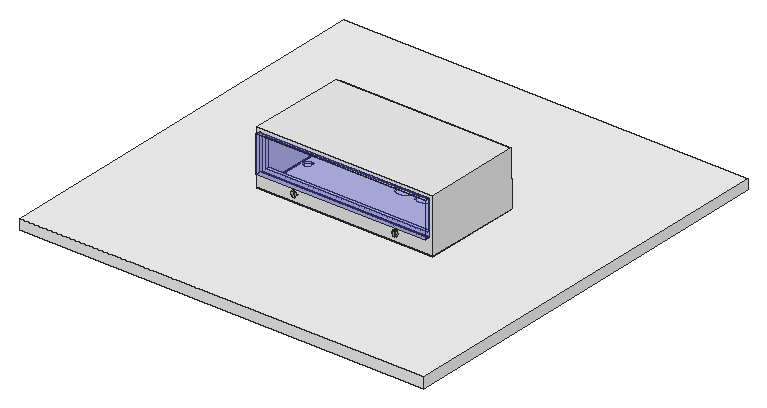
Revit family "BE_23015.1_de_DE", category Leuchten, Revit 2020
Family settings
  Basisbauteil = Fläche
  Bemaßung runder Anschluss = Durchmesser verwenden
  Teiletyp = Normal
  Beim Laden mit Abzugskörper schneiden = Ja
  Lichtquelle = Ja
  Gemeinsam genutzt = Nein
  Raumberechnungspunkt = Ja
Parameters (values of type "BEGA_23015.1_K3")
  built-in parameter 1150104 = 8.5378 (stored number, unit not read)
  Wattage = 13.6 W
  Default Elevation = 0 mm
  built-in parameter 1150113 = 1 (stored number, unit not read)
  built-in parameter 1114218 = 1 (stored number, unit not read)
  Umgebungstemperatur = "25 °C"
  URL = "http://www.bega.de/de/produkt/23015.1"
  Typenkommentare = "© 2022 BEGA. Wir behalten uns das Recht vor, technische Änderungen ohne vorherige Ankündigung vorzunehmen."  # constant formula
  built-in parameter 1150134 = 12
  built-in parameter 1150109 = 1 (stored number, unit not read)
  Strom = ""
  built-in parameter 1150110 = 1 (stored number, unit not read)
  Spannung = 239.996 V
  Sonderanfertigung = no
  Seriennummer [instance] = "Hier können Sie die eindeutige Seriennummer für das Facility Management eintragen."
  Schutzklasse = "I"
  Schutzart = "IP 20"
  Scheinlast = 0 VA
  Produktdatenblatt = "http://www.bega.de/download/Xrfa/db/23015.1.db.de.pdf"
  Oberflächentemperatur = ""
  Neigungswinkel = 0.00°
  Model = "23015.1K4"
  Material_17 = BEGA_Reflektor
  Material_15 = BEGA_Leuchtmedium_matt
  Material_11 = BEGA_Glas_opal
  Material_09 = BEGA_Glas_klar
  Material_08 = BEGA_Oberfläche_Stahl_verzinkt
  Material_06 = BEGA_Oberfläche_Edelstahl_gebürstet
  Material_05 = BEGA_Oberfläche_Aluminium Guss
  Material_03 = BEGA_Oberfläche_Weiss_matt
  Material_02 = BEGA_Oberfläche_Silber_matt
  Material_01 [instance] = BEGA_Oberfläche_Grafit_matt
  M_W = no
  M_G = no
  M_A = no
  Logo = 0
  built-in parameter 1114217 = 1 (stored number, unit not read)
  built-in parameter 1150139 = (empty or 0)
  built-in parameter 1150105 = 99.459 (stored number, unit not read)
  built-in parameter 1150114 = 1 (stored number, unit not read)
  Lumens = 1249.84 lm
  built-in parameter 1150115 = 1 (stored number, unit not read)
  Leuchtenlichtstrom = "527 lm"
  Leuchtenanzahl = ""
  Lebensdauerkriterien = "L70B50 @ 25 °C = 412000 h"
  Lastklassifizierung = Beleuchtung
  built-in parameter 1150112 = 1 (stored number, unit not read)
  Lampenlichtstrom = "1330 lm"
  Lampe = "LED 7.6 W"
  LED_Modulbezeichnung = "2x LED-0947/940"
  Hersteller = "BEGA"  # constant formula
  Halbstreuwinkel = ""
  Gewicht = "1.3 kg"
  Gebrauchslageneinschränkung [instance] = ""
  Frequenz = "0/50-60 Hz"
  Farbwiedergabeindex = "CRI > 90"
  Farbtemperaturverschiebung bei Dämpfen der Lampe = <Keine Auswahl>
  Farbtemperatur = "4000 K"
  Color Filter = 16777215
  built-in parameter 1150133 = 10 (stored number, unit not read)
  Energieeffizienzklasse = "LED A++ - A"
  built-in parameter 1150137 = (empty or 0)
  built-in parameter 1150132 = (empty or 0)
  ENEC = "ja"
  Dimmbar [instance] = ""
  Photometric Web File = "BE_23015.1K4.IES"
  CE_Konformität = "ja"
  Bestellnummer = "23015.1K4"
  Beschreibung_Sonderanfertigung = "Hier können Sie Informationen zur Sonderanfertigung eintragen."
  Beschreibung = "Wandleuchte"
  built-in parameter 1150106 = 0.99459 (stored number, unit not read)
  Befestigungsbohrung = "Ø 4,5 mm"
  Befestigungsabstand = "150 mm"
  Ballwurfsicher = ""
  BEGA_Intern_aus = yes
  BEGA_Intern_an = yes
  BEGA_Intern_Konstruktion = yes
  BEGA_Intern = yes
  BEGA_IES = yes
  BEGA_Dummy = no
  Anschlussleitung = ""
  Anschlussleistung [instance] = "8.8 W"
  Anschlusskasten = ""
  built-in parameter 1150107 = 4000 (stored number, unit not read)
  built-in parameter 1150102 = (empty or 0)
  built-in parameter 1150138 = (empty or 0)
  Aktualisierung = "2019-07-05T04:00:16"
  Abstand_zur_angestrahlten_Fläche [instance] = ""
  AC/DC = "AC/DC"
Reference planes
  plane 1 "Mitte (Vorne/Hinten)": y = 0
  plane 2: z = 0
  plane 3 "Mitte (Links/Rechts)": x = 0
  plane 4 "Links": x = -87.491
  plane 5 "Rechts": x = 87.491
  plane 6 "Unten": y = -53.25
  plane 7 "Oben": y = 53.25
  plane 8 "Vorne": z = 54
  plane 9 "Hinten": z = 0
Forms (mm)
  Extrusion 1, solid, material "BEGA_Platte_Weiss"
    sketch origin (0, -1119.2, 0) x (1, 0, 0) y (0, 1, 0)
      loop
        line (-200, 1319.2) -> (-200, 919.2) -> (200, 919.2) -> (200, 1319.2) -> (-200, 1319.2)
    from 0 to -10
  Extrusion 2, solid, material "BEGA_Dummy_matt", visible <- "BEGA_Dummy"
    sketch origin (80.095, -76.023, 0) x (1, 0, 0) y (0, 1, 0)
      loop
        line (-167.587, 129.273) -> (-167.587, 22.773) -> (7.396, 22.773) -> (7.396, 129.273) -> (-167.587, 129.273)
    from 0 to 54
Dimensions and locks
  plane 1 "Mitte (Vorne/Hinten)" to Extrusion 1 = 200 mm
  aligned and locked: plane 2 to Extrusion 1
  aligned and locked: level to Extrusion 1
Nested families
  nested 1: "BE_23015.1" at (0, 0, 0), type "BE_23015.1"
Connectors
  electrical at (0, 0, 0), driven by "Lastklassifizierung", driven by "Spannung", driven by "Scheinlast"
    settings: index 1, voltage 239.996 V, apparent load 0 VA, apparent load phase1 0 VA, apparent load phase2 0 VA, apparent load phase3 0 VA, power factor 1, load classification "Beleuchtung", number of poles 1, system type 31, power factor state 1, is connector primary yes, connector utility no, sub classification motor no, connector description ""
Definition of nested family "BE_23015.1"
  Parameters (values of type "BE_23015.1")
    Default Elevation = 1 mm
    URL = "http://www.bega.de/de/produkt"
    Type Comments = "© 2015 BEGA. Wir behalten uns das Recht vor, technische Änderungen ohne vorherige Ankündigung vorzunehmen. "  # constant formula
    Type Image = (empty or 0)
    Neigungswinkel_um_Z2 = 0.00°
    Neigungswinkel_um_Z1 = 0.00°
    Neigungswinkel_um_Y2 = 0.00°
    Neigungswinkel_um_Y1 = 0.00°
    Neigungswinkel_um_X2 = 0.00°
    Neigungswinkel_um_X1 = 0.00°
    Material_17 = none
    Material_15 = none
    Material_11 = none
    Material_09 = none
    Material_08 = none
    Material_06 = none
    Material_05 = none
    Material_03 = none
    Material_02 = none
    Material_01 = none
    M_W = yes
    M_G = yes
    M_A = yes
    Länge_Platte = 300 mm  # constant formula
    Höhe_Platte = -10 mm  # constant formula
    Manufacturer = "BEGA"  # constant formula
    Drehwinkel_um_Z2 = 0.00°
    Drehwinkel_um_Z1 = 0.00°
    Breite_Platte = 200 mm  # constant formula
  Reference planes
    plane 1 "Mitte (Oben/Unten)": y = 0
    plane 2: z = 0
    plane 3 "Mitte (Links/Rechts)": x = 0
    plane 4: z = 54
    plane 5: y = 53.25
    plane 6: y = -53.25
    plane 7: x = -87.491
    plane 8: x = 87.491
  Forms (mm)
    Extrusion 1, solid, detail levels medium
      sketch origin (0, 0, 0) x (1, 0, 0) y (0, 1, 0)
        loop
          line (-150, 100) -> (-150, -100) -> (150, -100) -> (150, 100) -> (-150, 100)
      from 0 to -10 <- "Höhe_Platte"
    Extrusion 2, solid, material <- "Material_03", detail levels medium+fine
      sketch origin (0, 0, 0) x (0, 1, 0) y (0, 0, 1)
        loop
          line (48.25, 1) -> (48.25, 54) -> (-48.25, 54) -> (-48.25, 1) -> (-45.835, 1) -> (-45.835, 52) -> (45.835, 52) -> (45.835, 1) -> (48.25, 1)
      from -88.265 to 88.776
    Extrusion 3, solid, material <- "Material_03", detail levels medium+fine
      sketch origin (0, 0, 0) x (1, 0, 0) y (0, 0, 1)
        loop
          line (-88.265, 54) -> (-88.265, 1) -> (-84.981, 1) -> (-84.981, 54) -> (-88.265, 54)
        loop
          line (88.776, 54) -> (85.662, 54) -> (85.662, 1) -> (88.776, 1) -> (88.776, 54)
      from -48.25 to 48.25
    Extrusion 4, void
      sketch origin (0, 0, 0) x (1, 0, 0) y (0, 0, 1)
        loop
          line (-87.499, 0.549) -> (-86.557, 54.543) -> (-89.287, 54.543) -> (-89.287, 0.549) -> (-87.499, 0.549)
        loop
          line (87.516, 0.549) -> (90.348, 0.549) -> (90.348, 54.543) -> (86.574, 54.543) -> (87.516, 0.549)
      from -49.824 to 51.45
    Sweep 5, solid, material <- "Material_03", detail levels medium+fine
      path origin (0, 0, 0) x (1, 0, 0) y (0, 1, 0)
        loop
          line (87.509, 48.25) -> (-87.5, 48.25) -> (-87.5, -48.25) -> (87.509, -48.25) -> (87.509, 48.25)
      profile origin (0.004, 48.25, 0) x (0, -1, 0) y (0, 0, 1)
        loop
          line (0.5, 0) -> (4.017, 0)
          arc (4.017, 0) -> (5.077, 0.439) -> (5.517, 1.5) r 1.5
          line (5.517, 1.5) -> (5.517, 2.5)
          arc (5.517, 2.5) -> (5.663, 2.854) -> (6.017, 3) r 0.5
          line (6.017, 3) -> (42.243, 3) -> (42.243, 4) -> (6.017, 4)
          arc (6.017, 4) -> (4.956, 3.561) -> (4.517, 2.5) r 1.5
          line (4.517, 2.5) -> (4.517, 1.5)
          arc (4.517, 1.5) -> (4.37, 1.146) -> (4.017, 1) r 0.5
          line (4.017, 1) -> (0.5, 1) -> (0.5, 0)
    Extrusion 6, solid, material <- "Material_03", detail levels medium+fine
      sketch origin (0, 0, 0) x (0, 1, 0) y (0, 0, 1)
        loop
          line (6.007, 4) -> (-6.007, 4) -> (-6.007, 3) -> (6.007, 3) -> (6.007, 4)
      from -45.466 to 45.466
    Extrusion 7, void
      sketch origin (0, 0, 0) x (1, 0, 0) y (0, 1, 0)
        loop
          circle (30, 15) r 8.5
        loop
          circle (-75, 0) r 4.25
        loop
          circle (10, 15) r 8.5
        loop
          circle (75, 0) r 4.25
      from 0 to 8
    Extrusion 8, solid, material <- "Material_03", detail levels medium+fine
      sketch origin (0, 0, 0) x (0, 1, 0) y (0, 0, 1)
        loop
          line (45.835, 52) -> (42.76, 52) -> (42.76, 13.991) -> (45.835, 13.991) -> (45.835, 52)
        loop
          line (-45.835, 52) -> (-45.835, 13.991) -> (-42.76, 13.991) -> (-42.76, 52) -> (-45.835, 52)
      from -84.378 to 84.841
    Extrusion 9, void
      sketch origin (0, 0, 0) x (0, 1, 0) y (0, 0, 1)
        loop
          line (49.5, 48.03) -> (-49.715, 48.03) -> (-49.715, 18.623) -> (49.5, 18.623) -> (49.5, 48.03)
      from -80.277 to 80.984
    Extrusion 10, void
      sketch origin (0, 0, 0) x (0, 1, 0) y (0, 0, 1)
        loop
          line (45.835, 51.347) -> (45.835, 15.347) -> (49.744, 15.347) -> (49.744, 51.347) -> (45.835, 51.347)
        loop
          line (-45.835, 51.347) -> (-49.744, 51.347) -> (-49.744, 15.347) -> (-45.835, 15.347) -> (-45.835, 51.347)
      from -83.844 to 84.146
    Extrusion 11, solid, material <- "Material_11", detail levels medium+fine
      sketch origin (0, 0, 0) x (0, -1, 0) y (0, 0, -1)
        loop
          line (53.25, -15.347) -> (45.25, -15.347) -> (45.25, -51.347) -> (53.25, -51.347) -> (53.25, -15.347)
      from -83.844 to 84.146
    Revolve 12, void
      sketch origin (-49.991, 0, 0) x (0, 1, 0) y (0, 0, 1)
        loop
          line (-46.138, 10.5) -> (-47.677, 10.5) -> (-48.584, 11.407) -> (-48.584, 8) -> (-46.138, 8) -> (-46.138, 10.5)
        axis (-46.138, 8) -> (-48.584, 8)
      angle from 0 to 360
    Revolve 13, solid, material <- "Material_06", detail levels fine
      sketch origin (-49.991, 0, 0) x (0, 1, 0) y (0, 0, 1)
        loop
          line (-49.45, 10) -> (-49.45, 8) -> (-46.138, 8) -> (-46.138, 10.5) -> (-47.633, 10.5) -> (-48.25, 10) -> (-49.45, 10)
        axis (-46.138, 8) -> (-49.45, 8)
      angle from 0 to 360
    Extrusion 14, solid, material <- "Material_11", detail levels medium+fine
      sketch origin (0, 0, 0) x (0, 1, 0) y (0, 0, 1)
        loop
          line (53.25, 15.347) -> (53.25, 51.347) -> (45.25, 51.347) -> (45.25, 15.347) -> (53.25, 15.347)
      from -83.844 to 84.146
    Revolve 15, void
      sketch origin (49.991, 0, 0) x (0, 1, 0) y (0, 0, -1)
        loop
          line (-46.138, -10.5) -> (-46.138, -8) -> (-48.584, -8) -> (-48.584, -11.407) -> (-47.677, -10.5) -> (-46.138, -10.5)
        axis (-46.138, -8) -> (-48.584, -8)
      angle from 0 to 360
    Revolve 16, solid, material <- "Material_06", detail levels fine
      sketch origin (49.991, 0, 0) x (0, 1, 0) y (0, 0, -1)
        loop
          line (-49.45, -10) -> (-48.25, -10) -> (-47.633, -10.5) -> (-46.138, -10.5) -> (-46.138, -8) -> (-49.45, -8) -> (-49.45, -10)
        axis (-46.138, -8) -> (-49.45, -8)
      angle from 0 to 360
  Cuts and joins
    Extrusion 4, Extrusion 9, Extrusion 10, Revolve 12, Revolve 15 cuts Extrusion 2
    Extrusion 4, Extrusion 9, Extrusion 10, Revolve 12, Revolve 15 cuts Extrusion 3
    Extrusion 9, Extrusion 10, Revolve 12, Revolve 15 cuts Extrusion 8
    joined: Extrusion 2, Extrusion 3, Extrusion 8
    Extrusion 7 cuts Sweep 5
    Extrusion 7 cuts Extrusion 6
    joined: Sweep 5, Extrusion 6
  Dimensions and locks
    equal spacing: Extrusion 1 sketch curve, plane 3 "Mitte (Links/Rechts)", Extrusion 1 sketch curve
    equal spacing: Extrusion 1 sketch curve, plane 1 "Mitte (Oben/Unten)", Extrusion 1 sketch curve
    "Länge_Platte": Extrusion 1 sketch curve to Extrusion 1 sketch curve
    "Breite_Platte": Extrusion 1 sketch curve to Extrusion 1 sketch curve
    aligned and locked: Extrusion 1 to plane 2
    aligned and locked: level to Extrusion 1
  Automatic sketch dimensions
    plane 4 to Extrusion 2 sketch curve = 0 mm
    level to Extrusion 2 sketch curve = 1 mm  (x2)
    plane 6 to Extrusion 2 sketch curve = 5 mm
    Extrusion 2 sketch curve to Extrusion 2 sketch curve = 2.415 mm  (x2)
    plane 5 to Extrusion 2 sketch curve = 7.415 mm
    plane 4 to Extrusion 2 sketch curve = 2 mm
    Extrusion 3 sketch curve to plane 4 = 0 mm  (x2)
    level to Extrusion 3 sketch curve = 1 mm  (x2)
    Extrusion 3 sketch curve to Extrusion 3 sketch curve = 3.284 mm
    Extrusion 3 sketch curve to Extrusion 3 sketch curve = 3.114 mm
    Extrusion 4 sketch curve to plane 4 = 0.543 mm  (x2)
    level to Extrusion 4 sketch curve = 0.549 mm  (x2)
    Extrusion 4 sketch curve to Extrusion 4 sketch curve = 1.788 mm
    Extrusion 4 sketch curve to Extrusion 4 sketch curve = 2.73 mm
    Extrusion 4 sketch curve to Extrusion 4 sketch curve = 2.831 mm
    plane 5 to Sweep 5 sketch curve = 5 mm
    plane 6 to Sweep 5 sketch curve = 5 mm
    Sweep 5 sketch curve to Sweep 5 sketch curve = 0 mm  (x4)
    Sweep 5 sketch curve to level = 0 mm
    Sweep 5 sketch curve to profile plane = 0.5 mm
    level to Sweep 5 sketch curve = 1 mm
    Sweep 5 sketch curve to Sweep 5 sketch curve = 3.517 mm
    Sweep 5 sketch curve to Sweep 5 sketch curve = 0.5 mm  (x2)
    level to Sweep 5 sketch curve = 4 mm
    Sweep 5 sketch curve to Sweep 5 sketch curve = 36.226 mm
    plane 1 "Mitte (Oben/Unten)" to Extrusion 6 sketch curve = 6.007 mm
    level to Extrusion 6 sketch curve = 3 mm
    Extrusion 6 sketch curve to plane 1 "Mitte (Oben/Unten)" = 6.007 mm
    Extrusion 6 sketch curve to Extrusion 6 sketch curve = 1 mm
    plane 1 "Mitte (Oben/Unten)" to Extrusion 7 sketch curve = 0 mm  (x2)
    plane 3 "Mitte (Links/Rechts)" to Extrusion 7 sketch curve = 10 mm
    Extrusion 7 sketch curve to plane 1 "Mitte (Oben/Unten)" = 15 mm  (x2)
    plane 6 to Extrusion 8 sketch curve = 7.415 mm
    Extrusion 8 sketch curve to Extrusion 8 sketch curve = 3.075 mm  (x2)
    plane 4 to Extrusion 8 sketch curve = 2 mm  (x2)
    plane 5 to Extrusion 8 sketch curve = 10.49 mm
    level to Extrusion 8 sketch curve = 13.991 mm  (x2)
    plane 6 to Extrusion 9 sketch curve = 3.535 mm
    plane 5 to Extrusion 9 sketch curve = 3.75 mm
    level to Extrusion 9 sketch curve = 18.623 mm
    plane 4 to Extrusion 9 sketch curve = 5.97 mm
    plane 6 to Extrusion 10 sketch curve = 3.506 mm
    Extrusion 10 sketch curve to Extrusion 10 sketch curve = 3.91 mm
    plane 5 to Extrusion 10 sketch curve = 7.415 mm
    plane 5 to Extrusion 10 sketch curve = 3.506 mm
    level to Extrusion 10 sketch curve = 15.347 mm  (x2)
    plane 4 to Extrusion 10 sketch curve = 2.653 mm  (x2)
    Extrusion 11 sketch curve to plane 6 = 0 mm
    Extrusion 11 sketch curve to plane 4 = 2.653 mm
    Extrusion 11 sketch curve to plane 6 = 8 mm
    Extrusion 11 sketch curve to level = 15.347 mm
    plane 6 to Revolve 12 sketch curve = 4.666 mm
    Revolve 12 sketch curve to Revolve 12 sketch curve = 0.907 mm  (x2)
    Revolve 12 sketch curve to Revolve 12 sketch curve = 2.445 mm
    level to Revolve 12 sketch curve = 8 mm
    Revolve 12 sketch curve to Revolve 12 sketch curve = 2.5 mm
    Revolve 12 sketch curve to Revolve 12 sketch curve = 0 mm  (x3)
    plane 6 to Revolve 13 sketch curve = 3.8 mm
    Revolve 13 sketch curve to Revolve 13 sketch curve = 1.2 mm
    Revolve 13 sketch curve to Revolve 13 sketch curve = 0.617 mm
    Revolve 13 sketch curve to Revolve 13 sketch curve = 1.494 mm
    level to Revolve 13 sketch curve = 8 mm
    Revolve 13 sketch curve to Revolve 13 sketch curve = 2 mm
    Revolve 13 sketch curve to Revolve 13 sketch curve = 0.5 mm
    Revolve 13 sketch curve to Revolve 13 sketch curve = 0 mm  (x3)
    Extrusion 14 sketch curve to plane 5 = 0 mm
    plane 4 to Extrusion 14 sketch curve = 2.653 mm
    Extrusion 14 sketch curve to Extrusion 14 sketch curve = 8 mm
    level to Extrusion 14 sketch curve = 15.347 mm
    plane 6 to Revolve 15 sketch curve = 4.666 mm
    Revolve 15 sketch curve to Revolve 15 sketch curve = 0.907 mm  (x2)
    Revolve 15 sketch curve to Revolve 15 sketch curve = 2.445 mm
    level to Revolve 15 sketch curve = 11.407 mm
    Revolve 15 sketch curve to Revolve 15 sketch curve = 2.5 mm
    Revolve 15 sketch curve to Revolve 15 sketch curve = 0 mm  (x3)
    plane 6 to Revolve 16 sketch curve = 3.8 mm
    Revolve 16 sketch curve to Revolve 16 sketch curve = 1.2 mm
    Revolve 16 sketch curve to Revolve 16 sketch curve = 0.617 mm
    Revolve 16 sketch curve to Revolve 16 sketch curve = 1.494 mm
    level to Revolve 16 sketch curve = 10.5 mm
    Revolve 16 sketch curve to Revolve 16 sketch curve = 0.5 mm
    Revolve 16 sketch curve to Revolve 16 sketch curve = 2.5 mm
    Revolve 16 sketch curve to Revolve 16 sketch curve = 0 mm  (x3)
    plane 3 "Mitte (Links/Rechts)" to Extrusion 3 sketch curve = 85.662 mm
    plane 3 "Mitte (Links/Rechts)" to Extrusion 4 sketch curve = 86.574 mm
    Extrusion 4 sketch curve to Extrusion 4 sketch curve = 0.942 mm
    plane 3 "Mitte (Links/Rechts)" to Sweep 5 sketch curve = 87.509 mm
    Extrusion 7 sketch curve to Extrusion 7 sketch curve = 20 mm
    Extrusion 7 sketch curve to Extrusion 7 sketch curve = 45 mm
    Extrusion 3 sketch curve to plane 3 "Mitte (Links/Rechts)" = 84.981 mm
    Extrusion 4 sketch curve to plane 3 "Mitte (Links/Rechts)" = 86.557 mm
    Sweep 5 sketch curve to plane 3 "Mitte (Links/Rechts)" = 87.5 mm
    Extrusion 7 sketch curve to plane 3 "Mitte (Links/Rechts)" = 75 mm
    radius of Extrusion 7 sketch curve = 8.5 mm  (x2)
    radius of Extrusion 7 sketch curve = 4.25 mm  (x2)
